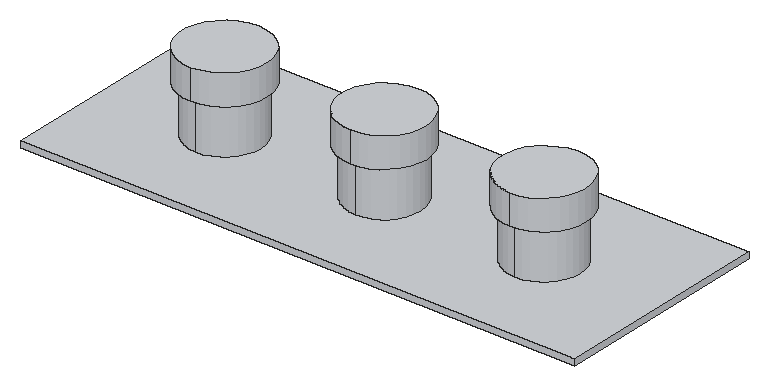
Revit family "9956f0362a9d4c0282e4771292149aae", category Mechanical Equipment, host Face, Revit 2021
Family settings
  Host = Face
  Round Connector Dimension = Use Radius
  Part Type = Normal
  OmniClass Number = 23.65.70.17.14
  OmniClass Title = Water Fire Fighting Terminals
  Seek Item ID = Fire Department Inlet Connection - 3 Way - Flush Plate-0000-USA-ENU
  Cut with Voids When Loaded = No
  Shared = No
  Room Calculation Point = No
Parameters (values of type "2 1/2"x2 1/2"x2 1/2"")
  Nominal Radius = 1 1/4"
  Nominal Diameter = Nominal Radius * 2  # 2 1/2"
  Inlet Connection Plate Material = none
  Default Elevation = 2' - 4"
  Assembly Code = ""
Reference planes (in)
  plane 1 "Center (Front/Back)": y = 0
  plane 2: z = 0
  plane 3 "Center (Left/Right)": x = 0
  plane 4: z = 0.25
  plane 5: y = 4.5
  plane 6: y = -4.5
  plane 7: x = -6.625
  plane 8: x = 6.625
  plane 9: z = 0.5
  plane 10: z = 2.5
  plane 11: z = 3.75
  plane 12: x = -11.5
  plane 13: x = 11.5
Forms (in)
  Extrusion 1, solid, material <- "Inlet Connection Plate Material", detail levels fine
    sketch origin (0, 0, 0) x (0, -1, 0) y (1, 0, 0)
      loop
        circle (0, 6.625) r 2
      loop
        circle (0, 0) r 2
      loop
        circle (0, -6.625) r 2
    from 0 to 0.25
  Extrusion 2, solid, material <- "Inlet Connection Plate Material", detail levels fine
    sketch origin (0, 0, 0) x (0, -1, 0) y (1, 0, 0)
      loop
        circle (0, 6.625) r 1.5
      loop
        circle (0, 0) r 1.5
      loop
        circle (0, -6.625) r 1.5
    from 0.5 to 2.5
  Extrusion 3, solid, material <- "Inlet Connection Plate Material", detail levels fine
    sketch origin (0, 0, 0) x (0, -1, 0) y (1, 0, 0)
      loop
        circle (0, 6.625) r 1.75
      loop
        circle (0, 0) r 1.75
      loop
        circle (0, -6.625) r 1.75
    from 2.5 to 3.75
  Extrusion 4, solid, material <- "Inlet Connection Plate Material", detail levels fine
    sketch origin (0, 0, 0) x (1, 0, 0) y (0, 1, 0)
      loop
        line (-11.5, 4.5) -> (-11.5, -4.5) -> (11.5, -4.5) -> (11.5, 4.5) -> (-11.5, 4.5)
    from 0.25 to 0.5
Cuts and joins
  joined: Extrusion 2, Extrusion 3
Lines and regions (in)
  symbolic lines, detail levels fine
    curve 1: line (-11.5, 0, 0.5) -> (-11.5, 0, 0.25)
    curve 2: line (11.5, 0, 0.25) -> (11.5, 0, 0.5)
  model lines, style "MechanicalEquipment", detail levels coarse+medium
    curve 3: line (11.5, 0, 0.25) -> (-11.5, 0, 0.25)
    curve 4: line (-6.625, 0, 2.5) -> (-6.625, 0, 0)
    curve 5: circle (-6.625, 0, 3.125) r 0.625 normal (0, -1, 0)
    curve 6: line (0, 0, 2.5) -> (0, 0, 0)
    curve 7: circle (0, 0, 3.125) r 0.625 normal (0, -1, 0)
    curve 8: line (6.625, 0, 2.5) -> (6.625, 0, 0)
    curve 9: circle (6.625, 0, 3.125) r 0.625 normal (0, -1, 0)
  symbolic lines, detail levels coarse+medium
    curve 10: line (-11.5, 4.5, 0) -> (11.5, 4.5, 0)
    curve 11: line (-11.5, -4.5, 0) -> (-11.5, 4.5, 0)
    curve 12: line (11.5, -4.5, 0) -> (-11.5, -4.5, 0)
    curve 13: line (11.5, 4.5, 0) -> (11.5, -4.5, 0)
    curve 14: circle (-6.625, 0, 0) r 1.75 normal (0, 0, 1)
    curve 15: circle (0, 0, 0) r 1.75 normal (0, 0, 1)
    curve 16: circle (6.625, 0, 0) r 1.75 normal (0, 0, 1)
    curve 17: circle (0, 0, 3.125) r 0.625 normal (1, 0, 0)
Dimensions and locks (in)
  locked: plane 4 to plane 2 at 0.25
  locked: plane 9 to plane 4 at 0.25
  locked: plane 10 to plane 9 at 2
  locked: plane 11 to plane 10 at 1.25
  locked: plane 3 "Center (Left/Right)" to plane 8 at 6.625
  locked: plane 7 to plane 3 "Center (Left/Right)" at 6.625
  equal spacing: plane 12, plane 3 "Center (Left/Right)", plane 13
  equal spacing: plane 5, plane 1 "Center (Front/Back)", plane 6
  locked: plane 12 to plane 3 "Center (Left/Right)" at 11.5
  locked: plane 5 to plane 1 "Center (Front/Back)" at 4.5
  radius of curve 15 = 0' - 1 3/4"
  radius of curve 14 = 0' - 1 3/4"
  radius of curve 16 = 0' - 1 3/4"
  radius of curve 17 = 0' - 0 5/8"
  aligned and locked: plane 2 to host face
  aligned and locked: level to host face
  aligned and locked: plane 4 to Extrusion 1  (x3)
  aligned and locked: Extrusion 2 to plane 9
  aligned and locked: plane 10 to Extrusion 2
  aligned and locked: Extrusion 3 to plane 10
  aligned and locked: plane 11 to Extrusion 3
  aligned and locked: plane 11 to cut or joined group of Extrusion 2, Extrusion 3  (x3)
  aligned and locked: plane 7 to Extrusion 1 sketch curve
  aligned and locked: plane 8 to Extrusion 1 sketch curve
  aligned and locked: plane 1 "Center (Front/Back)" to Extrusion 1 sketch curve  (x3)
  aligned and locked: plane 1 "Center (Front/Back)" to Extrusion 3 sketch curve  (x3)
  aligned and locked: plane 7 to Extrusion 3 sketch curve
  aligned and locked: plane 8 to Extrusion 3 sketch curve
  aligned and locked: plane 7 to Extrusion 2 sketch curve
  aligned and locked: plane 1 "Center (Front/Back)" to Extrusion 2 sketch curve  (x3)
  aligned and locked: plane 3 "Center (Left/Right)" to Extrusion 2 sketch curve
  aligned and locked: plane 8 to Extrusion 2 sketch curve
  aligned and locked: plane 3 "Center (Left/Right)" to Extrusion 1 sketch curve
  aligned and locked: plane 3 "Center (Left/Right)" to Extrusion 3 sketch curve
  aligned and locked: plane 12 to Extrusion 4 sketch curve
  aligned and locked: Extrusion 4 sketch curve to plane 5
  aligned and locked: plane 6 to Extrusion 4 sketch curve
  aligned and locked: Extrusion 4 sketch curve to plane 13
  aligned and locked: plane 9 to Extrusion 4
  aligned and locked: Extrusion 4 to Extrusion 1
  aligned and locked: Extrusion 1 to plane 2
  aligned and locked: curve 3 to Extrusion 4
  aligned and locked: plane 13 to Extrusion 4
  aligned and locked: plane 12 to curve 1
  aligned and locked: plane 13 to curve 3
  aligned and locked: plane 12 to curve 3
  aligned and locked: curve 4 to plane 7
  aligned and locked: plane 7 to curve 4
  aligned and locked: host face to curve 4
  aligned and locked: cut or joined group of Extrusion 2, Extrusion 3 to curve 4
  aligned and locked: curve 6 to plane 3 "Center (Left/Right)"
  aligned and locked: curve 8 to plane 8
  aligned and locked: cut or joined group of Extrusion 2, Extrusion 3 to curve 6
  aligned and locked: cut or joined group of Extrusion 2, Extrusion 3 to curve 8
  aligned and locked: curve 10 to plane 5
  aligned and locked: plane 12 to curve 11
  aligned and locked: curve 13 to plane 13
  aligned and locked: plane 7 to curve 14
  aligned and locked: plane 1 "Center (Front/Back)" to curve 14
  aligned and locked: plane 3 "Center (Left/Right)" to curve 15
  aligned and locked: plane 1 "Center (Front/Back)" to curve 15
  aligned and locked: plane 8 to curve 16
  aligned and locked: plane 1 "Center (Front/Back)" to curve 16
  aligned and locked: plane 1 "Center (Front/Back)" to curve 17
Automatic sketch dimensions
  curve 5 to plane 7 = 0' - 0"
  curve 7 to plane 3 "Center (Left/Right)" = 0' - 0"
  curve 8 to level = 0' - 0"
  curve 9 to plane 8 = 0' - 0"
  curve 6 to level = 0' - 0"
  curve 2 to plane 9 = 0' - 0"
  curve 1 to plane 9 = 0' - 0"
  plane 10 to curve 9 = 0' - 0 5/8"
  plane 10 to curve 7 = 0' - 0 5/8"
  curve 4 to curve 5 = 0' - 0 5/8"
  host sketch curve to host sketch curve = 7' - 0.87859"
  host sketch curve to host sketch curve = 6' - 6.91934"
  curve 13 to plane 6 = 0' - 0"
  plane 10 to curve 17 = 0' - 0 5/8"
  radius of Extrusion 1 sketch curve = 0' - 2"  (x3)
  radius of Extrusion 2 sketch curve = 0' - 1 1/2"  (x3)
  radius of Extrusion 3 sketch curve = 0' - 1 3/4"  (x3)
Connectors (in)
  piping at (-6.625, 0, 0), diameter 2.5, driven by "Nominal Radius"
    settings: on Extrusion 1, index 1, connector inside diameter 2 1/2", connector length 0' - 0", flow factor 0, pipe flow 0 GPM, pressure drop 0.00 psi, fitting loss kfactor 0, connector angle 0.00°, fixture units 0, engagement length 0' - 0", angle of deflection 0.00°, flow configuration 1, flow direction 2, fitting loss method 0, system type 29, joint type 0, gender type 0, connector reference index -1, connector utility 0, adjustable connector no, is connector primary yes, connector description "Out"
  piping at (0, 0, 0), diameter 2.5, driven by "Nominal Radius"
    settings: on Extrusion 1, index 2, connector inside diameter 2 1/2", connector length 0' - 0", flow factor 0, pipe flow 0 GPM, pressure drop 0.00 psi, fitting loss kfactor 0, connector angle 0.00°, fixture units 0, engagement length 0' - 0", angle of deflection 0.00°, flow configuration 1, flow direction 2, fitting loss method 0, system type 29, joint type 0, gender type 0, connector reference index -1, connector utility 0, adjustable connector no, is connector primary no, connector description "Out"
  piping at (6.625, 0, 0), diameter 2.5, driven by "Nominal Radius"
    settings: on Extrusion 1, index 3, connector inside diameter 2 1/2", connector length 0' - 0", flow factor 0, pipe flow 0 GPM, pressure drop 0.00 psi, fitting loss kfactor 0, connector angle 0.00°, fixture units 0, engagement length 0' - 0", angle of deflection 0.00°, flow configuration 1, flow direction 2, fitting loss method 0, system type 29, joint type 0, gender type 0, connector reference index -1, connector utility 0, adjustable connector no, is connector primary no, connector description "Out"
